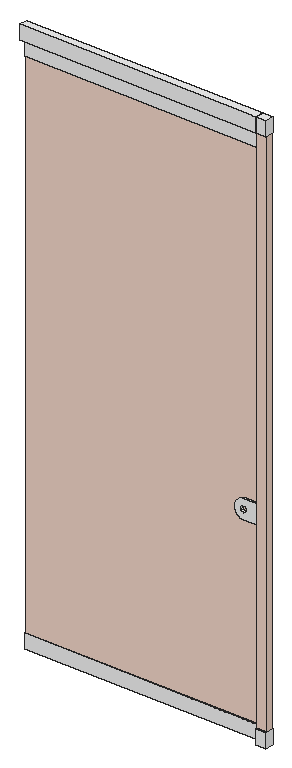
Revit family
Parameters (values of type "화장실 큐비클 - 끝 인접 벽")
  Assembly Code = ""
  가시성 - 배치 선 = yes
  가시성 - 문 RHS = no
  가시성 - 문 LHS = yes
  가시성 - 큐비클 다리 = yes
  상단 프레임 깊이 = 45 mm
  배관 덕트 깊이 = 300 mm
  재료 큐비클 패널 = 화장실 큐비클 패널
  재료 큐비클 프레임 = 화장실 큐비클 프레임
  재료 큐비클 피트 = 화장실 큐비클 피트
  Keynote = "K32"
  핸들 장착 높이 = 800 mm
  끝 패널 폭 [instance] = 32.5 mm
  문 폭 = 큐비클 폭 - 65 mm  # 755 mm
  문 헤드 간격 = 10 mm
  큐비클 폭 = 큐비클 순폭 + 큐비클 패널 두께  # 820 mm
  큐비클 패널 두께 = 20 mm
  큐비클 높이 = 1800 mm
  큐비클 깊이 = 1500 mm
  큐비클 순폭 = 800 mm
  하단 프레임 깊이 = 45 mm
  베이스 간격띄우기 = 150 mm
Reference planes
  plane 1 "중심(앞/뒤)": y = 0
  plane 2: z = 0
  plane 3 "중심(왼쪽/오른쪽)": x = -12.069
  plane 4: x = -422.069
  plane 5: x = 397.931
  plane 6: y = -1800
  plane 7: y = -300
  plane 8: z = 150
  plane 9: z = 1950
  plane 10: x = -389.569
  plane 11: x = 365.431
  plane 12: z = 1905
  plane 13: z = 1895
  plane 14: z = 195
  plane 15: x = -454.569
  plane 16: x = 430.431
  plane 17: z = 800
Forms (mm)
  Extrusion 1, solid, material "화장실 큐비클 프레임" <- "재료 큐비클 프레임"
    sketch origin (142.5, 0, 1950) x (0, -1, 0) y (-1, 0, 0)
      loop
        line (1813, 532.069) -> (1787.295, 532.069) -> (1787.295, -222.931) -> (1813, -222.931) -> (1813, 532.069)
    from 0 to 45
  Extrusion 2, solid, material "화장실 큐비클 프레임" <- "재료 큐비클 프레임"
    sketch origin (397.931, 0, 0) x (0, -1, 0) y (0, 0, 1)
      loop
        line (1813, 1905) -> (1813, 1950) -> (1787.295, 1950) -> (1787.295, 1905) -> (1813, 1905)
      loop
        line (1813, 150) -> (1813, 195) -> (1787.295, 195) -> (1787.295, 150) -> (1813, 150)
    from 32.5 to 0
  Extrusion 3, solid, material "화장실 큐비클 패널" <- "재료 큐비클 패널"
    sketch origin (397.931, 0, 0) x (0, -1, 0) y (0, 0, 1)
      loop
        line (1810, 195) -> (1810, 1905) -> (1790, 1905) -> (1790, 195) -> (1810, 195)
    from 32.5 to 0
Lines and regions (mm)
  reference lines
    curve 1: line (397.931, -1564.472, 0) -> (397.931, -1984.472, 0)
  symbolic lines
    curve 2: line (-422.069, -300, 0) -> (397.931, -300, 0)
    curve 3: line (-422.069, -1800, 0) -> (-422.069, -300, 0)
    curve 4: line (397.931, -1800, 0) -> (-422.069, -1800, 0)
    curve 5: line (397.931, -300, 0) -> (397.931, -1800, 0)
Dimensions and locks
  equal spacing: plane 4, plane 3 "중심(왼쪽/오른쪽)", plane 5
  "큐비클 폭": plane 4 to plane 5
  "배관 덕트 깊이": plane 7 to plane 1 "중심(앞/뒤)"
  "큐비클 깊이": plane 6 to plane 7
  "베이스 간격띄우기": plane 8 to level
  "큐비클 높이": plane 9 to plane 8
  equal spacing: plane 10, plane 3 "중심(왼쪽/오른쪽)", plane 11
  "문 폭": plane 10 to plane 11
  "상단 프레임 깊이": plane 9 to plane 12
  "문 헤드 간격": plane 12 to plane 13
  "하단 프레임 깊이": plane 14 to plane 8
  equal spacing: plane 15, plane 4, plane 10
  equal spacing: plane 11, plane 5, plane 16
  "핸들 장착 높이": plane 17 to level
  "끝 패널 폭": plane 11 to curve 1
  aligned and locked: Extrusion 1 to plane 9
  aligned and locked: plane 12 to Extrusion 1
  aligned and locked: Extrusion 1 sketch curve to plane 11
  aligned and locked: nested 1 to plane 13
  aligned and locked: plane 10 to Extrusion 1
  aligned and locked: plane 6 to nested 1
  aligned and locked: nested 1 to plane 3 "중심(왼쪽/오른쪽)"
  aligned and locked: plane 11 to Extrusion 3
  aligned and locked: plane 11 to Extrusion 2
  aligned and locked: Extrusion 3 to curve 1
  aligned and locked: Extrusion 2 to Extrusion 3
  aligned: plane 4 to curve 2
  aligned: plane 7 to curve 2
  aligned: plane 6 to curve 5
  aligned: curve 5 to nested 1
Automatic sketch dimensions
  Extrusion 1 sketch curve to plane 6 = 12.705 mm
  plane 6 to Extrusion 1 sketch curve = 13 mm
  Extrusion 1 sketch curve to Extrusion 1 sketch curve = 755 mm
  Extrusion 2 sketch curve to plane 14 = 0 mm
  Extrusion 2 sketch curve to plane 12 = 0 mm
  Extrusion 2 sketch curve to plane 8 = 0 mm
  Extrusion 2 sketch curve to plane 9 = 0 mm
  Extrusion 2 sketch curve to plane 6 = 12.705 mm  (x2)
  plane 6 to Extrusion 2 sketch curve = 13 mm  (x2)
  Extrusion 3 sketch curve to plane 14 = 0 mm
  Extrusion 3 sketch curve to plane 12 = 0 mm
  Extrusion 3 sketch curve to plane 6 = 10 mm
  plane 6 to Extrusion 3 sketch curve = 10 mm
  plane 6 to curve 1 = 184.472 mm
  curve 1 to plane 6 = 235.528 mm
  curve 4 to plane 4 = 0 mm
  curve 4 to plane 5 = 0 mm
  curve 4 to plane 6 = 0 mm
  curve 3 to plane 7 = 0 mm
Nested families
  nested 1: "UK_화장실 문" at (-10, 0, 0), 큐비클 폭 <- "큐비클 폭", type "끝/코너 큐비클"
    with 문 폭 755 mm, 큐비클 폭 820 mm
Definition of nested family "UK_화장실 문"
  Parameters (values of type "끝/코너 큐비클")
    가시성 - 문 RHS = no
    가시성 - 문 LHS = yes
    상단 프레임 깊이 = 45 mm
    재료 큐비클 패널 = 화장실 큐비클 패널
    재료 큐비클 프레임 = 화장실 큐비클 프레임
    재료 큐비클 피트 = 화장실 큐비클 피트
    핸들 장착 높이 = 800 mm
    문 폭 [instance] = 큐비클 폭 - 65 mm  # 735 mm
    문 헤드 간격 = 10 mm
    큐비클 폭 [instance] = 800 mm
    큐비클 패널 두께 = 20 mm
    큐비클 높이 = 1800 mm
    큐비클 깊이 = 1500 mm
    하단 프레임 깊이 = 45 mm
    베이스 간격띄우기 = 150 mm
  Types (4, lengths in mm): name | 문 폭 | 큐비클 폭
    (no name) | 735 | 800
    끝/코너 큐비클 | 735 | 800
    중간 큐비클 | 785 | 850
    큐비클 인접 벽 | 785 | 850
  Reference planes
    plane 1: z = 0
    plane 2 "중심(왼쪽/오른쪽)": x = -2.069
    plane 3: x = -402.069
    plane 4: x = 397.931
    plane 5 "큐비클 앞면": y = -1800
    plane 6: z = 150
    plane 7: z = 1950
    plane 8: x = -369.569
    plane 9: x = 365.431
    plane 10: z = 1905
    plane 11: z = 1895
    plane 12: z = 195
    plane 13: x = -434.569
    plane 14: x = 430.431
    plane 15: z = 800
    plane 16: y = -1780
  Forms (mm)
    Extrusion 1, solid, material "화장실 큐비클 프레임" <- "재료 큐비클 프레임"
      sketch origin (-2.069, 0, 0) x (0, 1, 0) y (0, 0, 1)
        loop
          line (-1793, 1850) -> (-1767, 1850) -> (-1767, 1895) -> (-1793, 1895) -> (-1793, 1850)
        loop
          line (-1793, 195) -> (-1793, 150) -> (-1767, 150) -> (-1767, 195) -> (-1793, 195)
      from 367.5 to -367.5
    Extrusion 2, solid, material "화장실 큐비클 패널" <- "재료 큐비클 패널"
      sketch origin (0, 0, 0) x (1, 0, 0) y (0, 1, 0)
        loop
          line (-369.569, -1790) -> (365.431, -1790) -> (365.431, -1770) -> (-369.569, -1770) -> (-369.569, -1790)
      from 195 to 1850
  Lines and regions (mm)
    symbolic lines, visible <- "가시성 - 문 LHS"
      curve 1: line (-369.569, -1767, 0) -> (-369.569, -1032, 0)
      curve 2: arc (365.431, -1767, 0) -> (150.155, -1247.277, 0) -> (-369.569, -1032, 0) r 735
    symbolic lines, visible <- "가시성 - 문 RHS"
      curve 3: line (365.431, -1767, 0) -> (365.431, -1032, 0)
      curve 4: arc (-369.569, -1767, 0) -> (-154.292, -1247.277, 0) -> (365.431, -1032, 0) r 735
  Dimensions and locks
    equal spacing: plane 3, plane 2 "중심(왼쪽/오른쪽)", plane 4
    "큐비클 폭": plane 3 to plane 4
    "베이스 간격띄우기": plane 6 to level
    "큐비클 높이": plane 7 to plane 6
    equal spacing: plane 8, plane 2 "중심(왼쪽/오른쪽)", plane 9
    "문 폭": plane 8 to plane 9
    "상단 프레임 깊이": plane 7 to plane 10
    "문 헤드 간격": plane 10 to plane 11
    "하단 프레임 깊이": plane 12 to plane 6
    equal spacing: plane 13, plane 3, plane 8
    equal spacing: plane 9, plane 4, plane 14
    "핸들 장착 높이": plane 15 to level
    "큐비클 패널 두께": plane 5 "큐비클 앞면" to plane 16
    equal spacing: Extrusion 2, plane 16, Extrusion 2
    "큐비클 패널 두께": Extrusion 2 to Extrusion 2
    locked: Extrusion 1 sketch curve to Extrusion 2 at 3  (x2)
    locked: Extrusion 2 to Extrusion 1 sketch curve at 3  (x2)
    aligned and locked: curve 2 to plane 8
    aligned and locked: plane 15 to nested 2
    aligned and locked: nested 1 to plane 9
    aligned and locked: nested 2 to plane 8
    aligned and locked: plane 16 to nested 1
    aligned and locked: nested 2 to plane 16
    aligned and locked: Extrusion 1 sketch curve to plane 11
    aligned and locked: Extrusion 1 to plane 9
    aligned and locked: plane 8 to Extrusion 1
    aligned and locked: Extrusion 2 to Extrusion 1
    aligned and locked: plane 12 to Extrusion 2
    aligned and locked: plane 8 to Extrusion 2
    aligned and locked: Extrusion 2 to plane 9
    aligned and locked: curve 1 to plane 8
    aligned and locked: curve 3 to plane 9
  Automatic sketch dimensions
    curve 1 to plane 5 "큐비클 앞면" = 33 mm
    curve 2 to curve 1 = 0 mm
    Extrusion 1 sketch curve to plane 6 = 0 mm
    Extrusion 1 sketch curve to plane 12 = 0 mm
    plane 11 to Extrusion 1 sketch curve = 45 mm
    Extrusion 2 sketch curve to plane 16 = 10 mm
    Extrusion 2 sketch curve to plane 8 = 0 mm
    plane 9 to Extrusion 2 sketch curve = 0 mm
    Extrusion 2 sketch curve to plane 5 "큐비클 앞면" = 10 mm
  Nested families
    nested 1: "화장실 큐비클 핸들" at (365.431, -1779.907, 0), visible <- "가시성 - 문 LHS", type "화장실 큐비클 핸들"
    nested 2: "화장실 큐비클 핸들" at (-369.569, -1779.907, -0.091) x (-1, 0, 0) z (0, 0, 1), visible <- "가시성 - 문 RHS", type "화장실 큐비클 핸들"
  Definition of nested family "화장실 큐비클 핸들"
    Parameters
      패널 두께 = 20 mm
      재료  핸들 = none
      핸들 Z = 800 mm
      핸들 X = 50 mm
    Reference planes
      plane 1 "중심(앞/뒤)": y = -0.093
      plane 2: z = 0
      plane 3 "중심(왼쪽/오른쪽)": x = 0
      plane 4: z = 800
      plane 5: x = -50
      plane 6: y = -10.093
      plane 7: y = 9.907
    Forms (mm)
      Extrusion 1, solid, material <- "재료  핸들"
        sketch origin (0, -0.093, 0) x (1, 0, 0) y (0, 0, 1)
          loop
            line (0, 770) -> (0, 830.183) -> (-49.948, 830.183)
            arc (-49.948, 830.183) -> (-80.039, 800.091) -> (-49.948, 770) r 30.091
            line (-49.948, 770) -> (0, 770)
          loop
            circle (-49.948, 800.091) r 10
        from -18 to 18
    Dimensions and locks
      "핸들 X": plane 5 to plane 3 "중심(왼쪽/오른쪽)"
      "핸들 Z": plane 4 to level
      equal spacing: plane 7, plane 1 "중심(앞/뒤)", plane 6
      "패널 두께": plane 6 to plane 7
      locked: Extrusion 1 to plane 7 at 8
      locked: Extrusion 1 to plane 6 at 8
    Automatic sketch dimensions
      Extrusion 1 sketch curve to Extrusion 1 sketch curve = 0 mm  (x2)
      Extrusion 1 sketch curve to plane 3 "중심(왼쪽/오른쪽)" = 0 mm
      Extrusion 1 sketch curve to plane 5 = 0.052 mm
      plane 4 to Extrusion 1 sketch curve = 30 mm
      Extrusion 1 sketch curve to plane 4 = 0.091 mm
      radius of Extrusion 1 sketch curve = 10 mm
